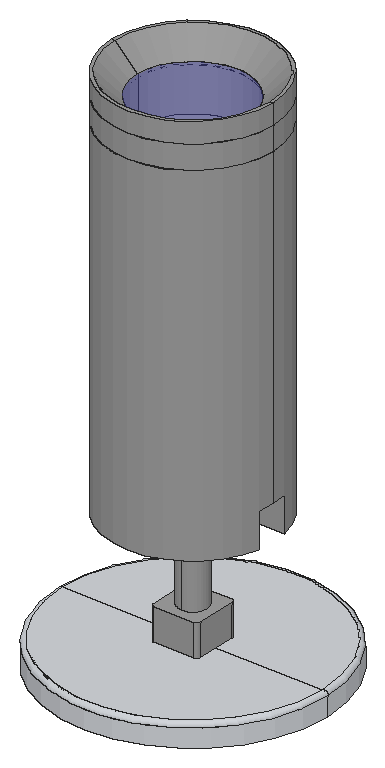
Revit family "Alcon-13313-MR-Revit-Family", category Generic Models, host Face, Revit 2025
Family settings
  Host = Face
  Can host rebar = No
  Round Connector Dimension = Use Diameter
  Part Type = Normal
  Cut with Voids When Loaded = No
  Maintain Annotation Orientation = No
  Shared = No
  Room Calculation Point = No
Parameters
  URL = "https://www.alconlighting.com/?srsltid=AfmBOooDPhGQ0dEP-X2PMtxFfvvWpIAEL4jCll_O2F4_to5onvhnBomy"
  Product Page URL = "https://www.alconlighting.com/13114-bella.html"
  Model = "13114"
  Manufacturer = "ALCON Lighter"
  Fixture Rotation = 90.00°
  Default Elevation = 4' - 0"
  BODY = Default
Reference planes (in)
  plane 1 "Center (Front/Back)": y = 0
  plane 2: z = 0
  plane 3 "Center (Left/Right)": x = 0
  plane 4: z = 2.57657
Forms (in)
  Extrusion 1, solid, material "Default" <- "BODY"
    sketch origin (0, 0, 0.86491) x (0, 1, 0) y (1, 0, 0)
      loop
        arc (-0.375, -0.3125) -> (-0.35669, -0.35669) -> (-0.3125, -0.375) r 0.0625
        line (-0.3125, -0.375) -> (0.3125, -0.375)
        arc (0.3125, -0.375) -> (0.35669, -0.35669) -> (0.375, -0.3125) r 0.0625
        line (0.375, -0.3125) -> (0.375, 0.3125)
        arc (0.375, 0.3125) -> (0.35669, 0.35669) -> (0.3125, 0.375) r 0.0625
        line (0.3125, 0.375) -> (-0.3125, 0.375)
        arc (-0.3125, 0.375) -> (-0.35669, 0.35669) -> (-0.375, 0.3125) r 0.0625
        line (-0.375, 0.3125) -> (-0.375, -0.3125)
    from 0 to 0.5
  Extrusion 2, solid, material "Default" <- "BODY"
    sketch origin (0, 0, 0.86491) x (0, 1, 0) y (-1, 0, 0)
      loop
        circle (0, 0) r 0.21871
    from 0 to 1.81572
  Revolve 3, solid
    sketch origin (0, 0, 0) x (1, 0, 0) y (0, 0, 1)
      loop
        line (0, 0) -> (2.14067, 0) -> (2.14067, 0.29309)
        arc (2.14067, 0.29309) -> (2.11968, 0.34376) -> (2.069, 0.36475) r 0.07166
        line (2.069, 0.36475) -> (0, 0.36475) -> (0, 0)
      axis (0, 0) -> (0, 0.36475)
    angle from 0 to 360
Dimensions and locks (in)
  "Fixture Rotation": angle nested 1 to plane 4
  aligned and locked: plane 2 to host face
  aligned and locked: level to host face
Automatic sketch dimensions
  host sketch curve to host sketch curve = 8' - 0"  (x2)
  plane 1 "Center (Front/Back)" to Extrusion 1 sketch curve = 0' - 0 3/8"
  Extrusion 1 sketch curve to Extrusion 1 sketch curve = 0' - 0 1/16"  (x3)
  Extrusion 1 sketch curve to plane 1 "Center (Front/Back)" = 0' - 0 5/16"  (x2)
  plane 3 "Center (Left/Right)" to Extrusion 1 sketch curve = 0' - 0 3/8"
  Extrusion 1 sketch curve to plane 3 "Center (Left/Right)" = 0' - 0 5/16"
  Extrusion 2 sketch curve to Extrusion 1 = 0' - 0 3/8"  (x2)
  Revolve 3 sketch curve to level = 0' - 0"  (x2)
  Revolve 3 sketch curve to plane 3 "Center (Left/Right)" = 0' - 0"  (x2)
  level to Revolve 3 sketch curve = 0' - 0.29309"
  plane 3 "Center (Left/Right)" to Revolve 3 sketch curve = 0' - 2.069"
  Revolve 3 sketch curve to Revolve 3 sketch curve = 0' - 0.07166"
  plane 4 to Revolve 3 sketch curve = 0' - 0.21166"
  radius of Extrusion 2 sketch curve = 0' - 0.21871"
Nested families (in)
  nested 1: "Alcon-13313-M-Linear_Cylider" at (0, 0, 2.57657) x (0, 0, -1) z (0, -1, 0), type "Alcon-13313-M-Linear_Cylider"
    with built-in parameter 1001306 0.125 (stored number, unit not read)
Definition of nested family "Alcon-13313-M-Linear_Cylider"
  Parameters (values of type "Alcon-13313-M-Linear_Cylider")
    Wattage = 9.2903 W
    built-in parameter 1150110 = 1 (stored number, unit not read)
    built-in parameter 1114217 = 1 (stored number, unit not read)
    Tilt Angle = 60.00°
    built-in parameter 1150109 = 1 (stored number, unit not read)
    built-in parameter 1150134 = 3
    built-in parameter 1150113 = 1 (stored number, unit not read)
    built-in parameter 1010507 = 1.5708 (stored number, unit not read)
    built-in parameter 1010506 = 0.5236 (stored number, unit not read)
    built-in parameter 1150105 = 4614.1 (stored number, unit not read)
    Lumens = 1380 lm
    built-in parameter 1150115 = 1 (stored number, unit not read)
    Light Source Symbol Length = 10' - 0"
    built-in parameter 1150137 = (empty or 0)
    built-in parameter 1150139 = (empty or 0)
    Lens = none
    built-in parameter 1001306 [instance] = 4' - 0"
    built-in parameter 1150112 = 1 (stored number, unit not read)
    built-in parameter 1150114 = 1 (stored number, unit not read)
    built-in parameter 1150132 = (empty or 0)
    built-in parameter 1150102 = (empty or 0)
    built-in parameter 1150107 = 3200 (stored number, unit not read)
    built-in parameter 1150138 = (empty or 0)
    built-in parameter 1150106 = 46.141 (stored number, unit not read)
    Housing = none
    built-in parameter 1150104 = 13.8 (stored number, unit not read)
    Dimming Lamp Color Temperature Shift = (empty or 0)
    Default Elevation = 0' - 0"
    Color Filter = 16777215
    built-in parameter 1114218 = 1 (stored number, unit not read)
    built-in parameter 1150133 = 10 (stored number, unit not read)
  Reference planes (in)
    plane 1 "Center (Front/Back)": y = 0
    plane 2: z = 0
    plane 3 "Left": x = 0
    plane 4 "Right": x = 48
  Forms (in)
    Revolve 1, solid, material <- "Housing"
      sketch origin (-3.14623, 0, 0) x (1, 0, 0) y (0, 1, 0)
        loop
          line (-2.71, 1.28125) -> (-2.71, 1.23509) -> (-2.35309, 0.87818) -> (-1.60702, 0.87818) -> (-1.60702, 0) -> (3.54, 0) -> (3.54, 1.28125) -> (-2.01581, 1.28125) -> (-2.01581, 1.24027) -> (-2.39574, 1.24027) -> (-2.39574, 1.28125) -> (-2.71, 1.28125)
        loop
          line (-2.38747, 1.28125) -> (-2.38747, 1.24692) -> (-2.02457, 1.24692) -> (-2.02457, 1.28125) -> (-2.38747, 1.28125)
        axis (-2.71, 0) -> (3.54, 0)
      angle from 0 to 360
    Extrusion 2, void
      sketch origin (0, 0, -0.08917) x (1, 0, 0) y (0, 0, 1)
        loop
          line (-0.159, 0.34451) -> (-0.159, -0.16617) -> (0.39377, -0.16617) -> (0.39377, 0.34451) -> (-0.159, 0.34451)
      from 0.26773 to -1.31381
    Extrusion 3, solid, material <- "Lens"
      sketch origin (-4.75326, 0, 0) x (0, 1, 0) y (0, 0, -1)
        loop
          circle (0, 0) r 0.87818
      from 0.70004 to 0.74606
  Cuts and joins
    Extrusion 2 cuts Revolve 1
  Lines and regions (in)
    reference lines
      curve 1: line (0, 0, 0) -> (48, 0, 0)
    model lines
      curve 2: line (0, 0, 0) -> (-14.65601, 0, 0)
  Dimensions and locks (in)
    "built-in parameter 1001306": plane 3 "Left" to plane 4 "Right"
    aligned and locked: plane 4 "Right" to curve 1
    aligned and locked: plane 1 "Center (Front/Back)" to curve 1
    aligned and locked: plane 3 "Left" to curve 1
    aligned and locked: level to plane 2
  Automatic sketch dimensions
    Extrusion 2 sketch curve to plane 3 "Left" = 0' - 0.159"
    Extrusion 2 sketch curve to level = 0' - 0.25534"
    plane 3 "Left" to Extrusion 2 sketch curve = 0' - 0.39377"
    level to Extrusion 2 sketch curve = 0' - 0.25534"
    plane 1 "Center (Front/Back)" to curve 2 = 0' - 0"
    curve 2 to plane 3 "Left" = 0' - 0"
    curve 2 to plane 3 "Left" = 1' - 2.65601"
    plane 1 "Center (Front/Back)" to Revolve 1 sketch curve = 0' - 0"  (x2)
    Revolve 1 sketch curve to plane 1 "Center (Front/Back)" = 0' - 1.23509"
    Revolve 1 sketch curve to plane 3 "Left" = 0' - 5.85623"
    Revolve 1 sketch curve to Revolve 1 sketch curve = 0' - 0.31426"
    Revolve 1 sketch curve to Revolve 1 sketch curve = 0' - 0.00828"
    Revolve 1 sketch curve to plane 1 "Center (Front/Back)" = 0' - 0.87818"
    Revolve 1 sketch curve to Revolve 1 sketch curve = 0' - 0.04265"
    Revolve 1 sketch curve to Revolve 1 sketch curve = 0' - 0.3629"
    Revolve 1 sketch curve to Revolve 1 sketch curve = 0' - 0.00876"
    Revolve 1 sketch curve to Revolve 1 sketch curve = 0' - 0.40879"
    plane 3 "Left" to Revolve 1 sketch curve = 0' - 0.39377"
    Revolve 1 sketch curve to Revolve 1 sketch curve = 0' - 0.3621"
    Revolve 1 sketch curve to Revolve 1 sketch curve = 0' - 0.00665"
    Revolve 1 sketch curve to Revolve 1 sketch curve = 0' - 0.03433"  (x2)
    Revolve 1 sketch curve to Revolve 1 sketch curve = 0' - 0"
    Revolve 1 sketch curve to Revolve 1 sketch curve = 0' - 1.75471"
    Revolve 1 sketch curve to plane 3 "Left" = 0' - 1.24855"
    radius of Extrusion 3 sketch curve to Revolve 1 = 0' - 0"
